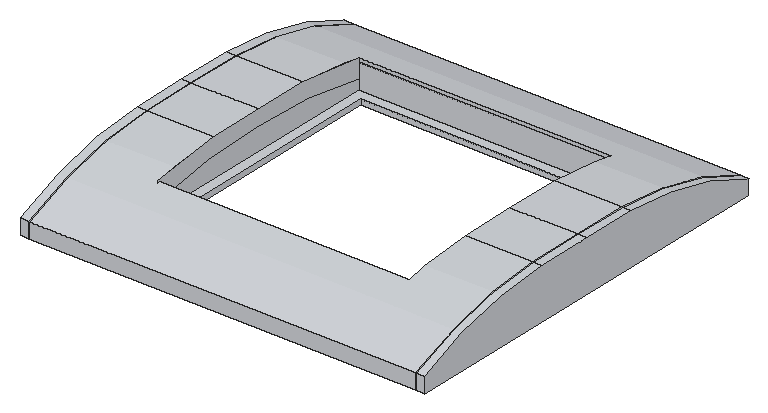
Revit family "Gira_0211398", category Electrical Fixtures, host Face, Revit 2017
Family settings
  Host = Face
  Maintain Annotation Orientation = No
  Round Connector Dimension = Use Diameter
  Part Type = Normal
  Cut with Voids When Loaded = No
  Shared = No
  Room Calculation Point = No
Parameters (values of type "Cov.fr. 1-g interm.fr. PW Gira Event Opaque red")
  With mounting grid = "No"
  With hinged lid = "No"
  URL = "http://katalog.gira.de/en/datenblatt.html?artikelnr=0211398"
  Type of fastening = "Clamp mounting"
  Transparent = "No"
  Surface protection = "Other"
  Suitable for wall duct = "No"
  Suitable for flush-mounted installation = "Yes"
  Suitable for floor box = "No"
  Suitable for built-in installation = "No"
  Number of units vertical = "1"
  Number of units horizontal = "1"
  Number of units = "1"
  Name = "Cov.fr. 1-g interm.fr. PW Gira Event Opaque red"
  Mounting direction = "Horizontal and vertical"
  Material quality = "Thermoplastic"
  Material = "Plastic"
  Manufacturer URL = "https://www.gira.de/"
  Manufacturer = "Gira"
  Label space/information surface = "No"
  Keynote = ""
  HeinzeBIM = "https://bimportal.heinze.de/bim/cov-fr-1-g-interm-fr-pw-gira-event-opaque-red/11f743d35e4f31e3290a6356c6d290e921d7cc28"
  Halogen free = "Yes"
  HAN = "0211398"
  GTIN = "4010337074564"
  Description = "Cov.fr.1g i.fr.PW EvOp RD,Gira Event Opaque frames,red with pure white glossy intermediate frame,1-gang,Features:,- Shatter-proof."
  Degree of protection (IP) = "IP20"
  Default Elevation = 1219.2 mm
  Data sheet (1) = "https://katalog.gira.de/en/download.html?artikelnr=0211398"
  Colour = "Red"
  Category = "Cover frame for domestic switching devices"
  BIM (1) = "https://media.stage.bim.site/public/gira/36a6b08/Event_Rahmen_1fach.rfa"
  Available = "No"
Reference planes
  plane 1 "Center (Front/Back)": y = 0
  plane 2: z = 0
  plane 3 "Center (Left/Right)": x = 0
Forms (mm)
  Extrusion 1, solid, detail levels fine
    sketch origin (0, 0, 1.55) x (0, 1, 0) y (0, 0, 1)
      loop
        arc (12.445, 9.683) -> (6.223, 9.833) -> (0, 9.85) r 291.636
        arc (0, 9.85) -> (-6.223, 9.833) -> (-12.445, 9.683) r 291.636
        arc (-12.445, 9.683) -> (-29.14, 7.482) -> (-45, 1.823) r 79.728
        line (-45, 1.823) -> (-45, -1.55) -> (-41.777, -1.55) -> (-41.777, -0.55)
        arc (-41.777, -0.55) -> (-21.205, 4.846) -> (0, 6.467) r 118.15
        arc (0, 6.467) -> (21.205, 4.846) -> (41.777, -0.55) r 118.15
        line (41.777, -0.55) -> (41.777, -1.55) -> (45, -1.55) -> (45, 1.823)
        arc (45, 1.823) -> (29.14, 7.482) -> (12.445, 9.683) r 79.728
    from -43 to 43
  Extrusion 2, void, detail levels fine
    sketch origin (0, 0, 0) x (1, 0, 0) y (0, 1, 0)
      loop
        line (-28, -28) -> (28, -28) -> (28, 28) -> (-28, 28) -> (-28, -28)
    from 2.85 to 12
  Extrusion 3, solid, detail levels coarse
    sketch origin (0, 0, 0) x (1, 0, 0) y (0, 1, 0)
      loop
        line (-45, 45) -> (-45, -45) -> (45, -45) -> (45, 45) -> (-45, 45)
    from 0 to 11.4
  Extrusion 4, solid, detail levels medium
    sketch origin (0, 0, 1.55) x (0, 1, 0) y (0, 0, 1)
      loop
        arc (12.445, 9.683) -> (6.223, 9.833) -> (0, 9.85) r 291.636
        arc (0, 9.85) -> (-6.223, 9.833) -> (-12.445, 9.683) r 291.636
        arc (-12.445, 9.683) -> (-29.14, 7.482) -> (-45, 1.823) r 79.728
        line (-45, 1.823) -> (-45, -1.55) -> (45, -1.55) -> (45, 1.823)
        arc (45, 1.823) -> (29.14, 7.482) -> (12.445, 9.683) r 79.728
    from -45 to 45
  Extrusion 5, solid, detail levels fine
    sketch origin (0, 0, 0) x (0, 1, 0) y (0, 0, 1)
      loop
        arc (45, 3.373) -> (29.14, 9.032) -> (12.445, 11.233) r 79.728
        arc (12.445, 11.233) -> (6.223, 11.383) -> (0, 11.4) r 291.636
        arc (0, 11.4) -> (-6.223, 11.383) -> (-12.445, 11.233) r 291.636
        arc (-12.445, 11.233) -> (-29.14, 9.032) -> (-45, 3.373) r 79.728
        line (-45, 3.373) -> (-45, 0) -> (45, 0) -> (45, 3.373)
    from 43 to 45
  Extrusion 6, solid, detail levels fine
    sketch origin (0, 0, 0) x (0, 1, 0) y (0, 0, -1)
      loop
        line (45, -3.373) -> (45, 0) -> (-45, 0) -> (-45, -3.373)
        arc (-45, -3.373) -> (-29.14, -9.032) -> (-12.445, -11.233) r 79.728
        arc (-12.445, -11.233) -> (-6.223, -11.383) -> (0, -11.4) r 291.636
        arc (0, -11.4) -> (6.223, -11.383) -> (12.445, -11.233) r 291.636
        arc (12.445, -11.233) -> (29.14, -9.032) -> (45, -3.373) r 79.728
    from 43 to 45
  Extrusion 7, solid, detail levels fine
    sketch origin (0, 0, 0) x (1, 0, 0) y (0, 1, 0)
      loop
        line (-25.7, 25.7) -> (-25.7, -25.7) -> (25.7, -25.7) -> (25.7, 25.7) -> (-25.7, 25.7)
      loop
        line (-29.495, 27.895) -> (-29.495, -27.895)
        spline (-29.495, -27.895) -> (-29.486, -28.025) -> (-29.461, -28.154) -> (-29.419, -28.278) -> (-29.361, -28.395) -> (-29.288, -28.504) -> (-29.202, -28.602) -> (-29.104, -28.688) -> (-28.995, -28.761) -> (-28.878, -28.819) -> (-28.754, -28.861) -> (-28.625, -28.886) -> (-28.495, -28.895)
        line (-28.495, -28.895) -> (28.495, -28.895)
        spline (28.495, -28.895) -> (28.625, -28.886) -> (28.754, -28.861) -> (28.878, -28.819) -> (28.995, -28.761) -> (29.104, -28.688) -> (29.202, -28.602) -> (29.288, -28.504) -> (29.361, -28.395) -> (29.419, -28.278) -> (29.461, -28.154) -> (29.486, -28.025) -> (29.495, -27.895)
        line (29.495, -27.895) -> (29.495, 27.895)
        spline (29.495, 27.895) -> (29.486, 28.025) -> (29.461, 28.154) -> (29.419, 28.278) -> (29.361, 28.395) -> (29.288, 28.504) -> (29.202, 28.602) -> (29.104, 28.688) -> (28.995, 28.761) -> (28.878, 28.819) -> (28.754, 28.861) -> (28.625, 28.886) -> (28.495, 28.895)
        line (28.495, 28.895) -> (-28.495, 28.895)
        spline (-28.495, 28.895) -> (-28.625, 28.886) -> (-28.754, 28.861) -> (-28.878, 28.819) -> (-28.995, 28.761) -> (-29.104, 28.688) -> (-29.202, 28.602) -> (-29.288, 28.504) -> (-29.361, 28.395) -> (-29.419, 28.278) -> (-29.461, 28.154) -> (-29.486, 28.025) -> (-29.495, 27.895)
    from 1.673 to 8.5
Cuts and joins
  Extrusion 2 cuts Extrusion 1
  Extrusion 2 cuts Extrusion 7
Dimensions and locks
  aligned and locked: plane 2 to host face
  aligned and locked: level to host face
